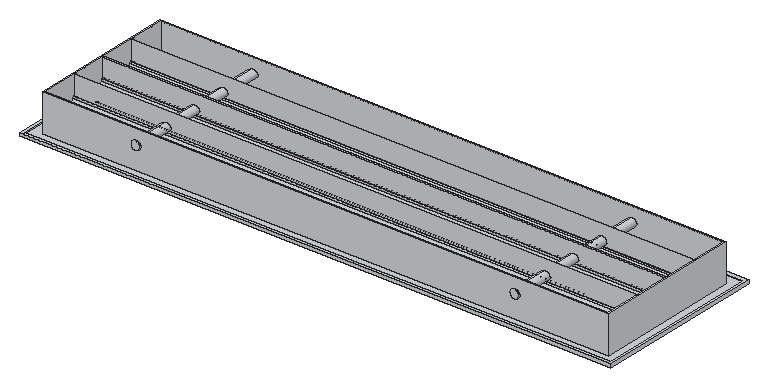
Revit family "07101_CAI", category Air Terminals, Revit 2012
Parameters (values of type "CAI_4-Ranuras")
  Visible_Texto3 = not(or(Separacion_Ranura = 1/2", Separacion_Ranura = 3/4", Separacion_Ranura = 1"))  # no
  Visible_Texto2 = or(Nº_Ranuras < 1, Nº_Ranuras > 8)  # no
  Visible_Texto1 = or(Medida_Requerida < 24", Medida_Requerida > 157 1/2")  # no
  Var2 = if(or(Separacion_Ranura < 1" / 2, Separacion_Ranura = 1" / 2), 1" / 2, if(or(and(Separacion_Ranura > 1" / 2, Separacion_Ranura < 3" / 4), Separacion_Ranura = 3" / 4), 3" / 4, if(Separacion_Ranura > 3" / 4, 1", 1")))  # 3/4"
  Var1 = if(Nº_Ranuras < 1, 1, if(Nº_Ranuras > 8, 8, Nº_Ranuras))  # 4
  URL = "https://www.innes.com.mx"
  Type Comments = "Patrón de aire ajustable"
  Tipo de Cuello = "Rectangular"
  Separación entre Ranuras = "1/2\", 3/4\" ó 1\""
  Separacion_Ranura = 3/4"
  Ranuras Disponibles = "1 a 8 ranuras"
  Posición de Instalación = "Muro/Techo"
  Nº_Ranuras = 4
  Nota_3 = if(or(Separacion_Ranura = 1/2", Separacion_Ranura = 3/4", Separacion_Ranura = 1"), ".", "Separación No Viable, elija 1/2, 3/4 ó 1 in")  # "."
  Nota_2 = if(Nº_Ranuras < 1, "El No. de Ranuras está por debajo del mínimo de 1", if(Nº_Ranuras > 8, "El No. de Ranuras supera el máximo de 8", "."))  # "."
  Nota1 = if(Medida_Requerida < 24", "El Largo está por debajo del mínimo de 24 in (0.61 m)", if(Medida_Requerida > 157 1/2", "El Largo supera el máximo de 157 1/2 in (4.0 m)", "."))  # "."
  Model = "CAI"
  Medida_Requerida = 24"
  Material = "Aluminio"
  Manufacturer = "INNES"
  Longitud Mín.-Máx. = "24\" (0.61 m) a 157 1/2\" (4.0 m) en una sola pieza."
  Función = "Inyección"
  Description = "Difusor lineal para inyección"
  Conect_Vertical = if(and(Var1 = 1, Var2 = 1" / 2), 1 7/16", if(and(Var1 = 1, Var2 = 3" / 4), 1 11/16", if(and(Var1 = 1, Var2 = 1"), 1 31/32", if(and(Var1 = 2, Var2 = 1" / 2), 2 11/16", if(and(Var1 = 2, Var2 = 3" / 4), 3 3/16", if(and(Var1 = 2, Var2 = 1"), 1 15/32", if(and(Var1 = 3, Var2 = 1" / 2), 3 15/16", if(and(Var1 = 3, Var2 = 3" / 4), 4 11/16", if(and(Var1 = 3, Var2 = 1"), 5 7/16", if(and(Var1 = 4, Var2 = 1" / 2), 5 3/16", if(and(Var1 = 4, Var2 = 3" / 4), 6 3/16", if(and(Var1 = 4, Var2 = 1"), 7 3/16", if(and(Var1 = 5, Var2 = 1" / 2), 6 7/16", if(and(Var1 = 5, Var2 = 3" / 4), 7 11/16", if(and(Var1 = 5, Var2 = 1"), 8 15/16", if(and(Var1 = 6, Var2 = 1" / 2), 7 11/16", if(and(Var1 = 6, Var2 = 3" / 4), 9 3/16", if(and(Var1 = 6, Var2 = 1"), 10 11/16", if(and(Var1 = 7, Var2 = 1" / 2), 8 15/16", if(and(Var1 = 7, Var2 = 3" / 4), 10 11/16", if(and(Var1 = 7, Var2 = 1"), 12 7/16", if(and(Var1 = 8, Var2 = 1" / 2), 10 3/16", if(and(Var1 = 8, Var2 = 3" / 4), 12 3/16", if(and(Var1 = 8, Var2 = 1"), 14 3/16", 14 3/16"))))))))))))))))))))))))  # 6 3/16"
  Conect_Horizontal = if(Medida_Requerida < 24", 23 7/8", if(Medida_Requerida > 157 1/2", 156 7/8", Medida_Requerida - 1" / 8))  # 23 7/8"
Types (9): name | Var2 | Var1 | Separacion_Ranura | Nº_Ranuras | Conect_Vertical
  (no name) | 3/4" | 4 | 3/4" | 4 | 6 3/16"
  CAI_1-Ranura | 1/2" | 1 | 1/2" | 1 | 1 7/16"
  CAI_2-Ranuras | 3/4" | 2 | 3/4" | 2 | 3 3/16"
  CAI_3-Ranuras | 3/4" | 3 | 3/4" | 3 | 4 11/16"
  CAI_4-Ranuras | 3/4" | 4 | 3/4" | 4 | 6 3/16"
  CAI_5-Ranuras | 3/4" | 5 | 3/4" | 5 | 7 11/16"
  CAI_6-Ranuras | 3/4" | 6 | 3/4" | 6 | 9 3/16"
  CAI_7-Ranuras | 3/4" | 7 | 3/4" | 7 | 10 11/16"
  CAI_8-Ranuras | 3/4" | 8 | 3/4" | 8 | 12 3/16"
Reference planes (in)
  plane 1 "Center (Front/Back)": y = 0
  plane 2: z = 0
  plane 3 "Center (Left/Right)": x = 0
Nested families (in)
  nested 1: "CAI" at (0, 0, 0), type "CAI_1-Ranura"
    with Visible_Aletas yes, Visible_Aleta_M2 no, Var1_NR 4, Sop_Vert 16", Var2_SR 3/4", Separacion_Ranura 3/4", Nº_Ranuras 4, Medida_Real 23 7/8", Largo_Rejilla 23 13/16", Medida_Requerida 24", Cota_B 6 1/4", Cantidad de rejillas 3, Cota_A 7 1/4"
  nested 2: "Texto_CAI" at (-39.13773, -56.68424, 0) x (0.7071, -0.7071, 0) z (0, 0, 1), type "texto"
    with Visible_Texto no
  nested 3: "Texto_2" at (-33.86385, -47.15702, 0) x (0.7071, -0.7071, 0) z (0, 0, 1), type "texto"
    with Visible_Texto no
  nested 4: "Texto_3" at (-43.62334, -36.98252, 0) x (0.7071, -0.7071, 0) z (0, 0, 1), type "texto"
    with Visible_Texto no
Connectors (in)
  hvac at (0, 0, 1.625), driven by "Conect_Horizontal", driven by "Conect_Vertical"
    settings: on nested 1, index 1, duct flow 0.0 L/s, flow factor 0, pres drop 0.0 Pa, loss coef 0, conn angle 0.00°, conn width 606.425 mm, conn height 157.163 mm, conn radius 304.8 mm, duct sys type 1, conn prof type 1, flow config 0, flow direction 0, loss method 0, conn ref index -1, conn util no, is conn primary yes, conn desc ""
Definition of nested family "CAI"
  Parameters (values of type "CAR-02-Ranuras")
    Visible_Aletas = Nº_Ranuras > 2  # no
    Visible_Aleta_M2 = Nº_Ranuras = 2  # yes
    Var1_NR = if(Nº_Ranuras < 1, 1, if(Nº_Ranuras > 8, 8, (Nº_Ranuras)))  # 2
    URL = ""
    Sop_Vert = if(Medida_Requerida < 24", 16", if(Medida_Requerida > 157", 104 171/256", (Medida_Requerida / 3) * 2))  # 24"
    Var2_SR = if(or(Separacion_Ranura < 1" / 2, Separacion_Ranura = 1" / 2), 1" / 2, if(or(and(Separacion_Ranura > 1" / 2, Separacion_Ranura < 3" / 4), Separacion_Ranura = 3" / 4), 3" / 4, if(Separacion_Ranura > 3" / 4, 1", 1")))  # 1"
    Separacion_Ranura = 1"
    Nº_Ranuras = 2
    Mínima velocidad de cuello = 0.0 m/s
    Mínima presión estática = 0.0 Pa
    Máxima velocidad de cuello = 0.0 m/s
    Máxima presión estática = 0.0 Pa
    Min Flow = 0.0 L/s
    Medida_Real = if(Medida_Requerida < 24", 23 7/8", if(Medida_Requerida > 157", 156 7/8", Medida_Requerida - 1" / 8))  # 35 7/8"
    Max Flow = 0.0 L/s
    Manufacturer = ""
    Largo_Rejilla = Medida_Real - 1" / 16  # 35 13/16"
    Medida_Requerida = 36"
    Cota_B = Cota_A - 1"  # 3 3/4"
    Cantidad de rejillas = if(or(Nº_Ranuras < 3, Nº_Ranuras = 3), 2, if(Nº_Ranuras > 8, 7, Nº_Ranuras - 1))  # 2
    Cota_A = if(and(Var1_NR = 1, Var2_SR = 1" / 2), 2 1/2", if(and(Var1_NR = 1, Var2_SR = 3" / 4), 2 3/4", if(and(Var1_NR = 1, Var2_SR = 1"), 3", if(and(Var1_NR = 2, Var2_SR = 1" / 2), 3 3/4", if(and(Var1_NR = 2, Var2_SR = 3" / 4), 4 1/4", if(and(Var1_NR = 2, Var2_SR = 1"), 4 3/4", if(and(Var1_NR = 3, Var2_SR = 1" / 2), 5", if(and(Var1_NR = 3, Var2_SR = 3" / 4), 5 3/4", if(and(Var1_NR = 3, Var2_SR = 1"), 6 1/2", if(and(Var1_NR = 4, Var2_SR = 1" / 2), 6 1/4", if(and(Var1_NR = 4, Var2_SR = 3" / 4), 7 1/4", if(and(Var1_NR = 4, Var2_SR = 1"), 8 1/4", if(and(Var1_NR = 5, Var2_SR = 1" / 2), 7 1/2", if(and(Var1_NR = 5, Var2_SR = 3" / 4), 8 3/4", if(and(Var1_NR = 5, Var2_SR = 1"), 10", if(and(Var1_NR = 6, Var2_SR = 1" / 2), 8 3/4", if(and(Var1_NR = 6, Var2_SR = 3" / 4), 10 1/4", if(and(Var1_NR = 6, Var2_SR = 1"), 11 3/4", if(and(Var1_NR = 7, Var2_SR = 1" / 2), 10", if(and(Var1_NR = 7, Var2_SR = 3" / 4), 11 3/4", if(and(Var1_NR = 7, Var2_SR = 1"), 13 1/2", if(and(Var1_NR = 8, Var2_SR = 1" / 2), 11 1/4", if(and(Var1_NR = 8, Var2_SR = 3" / 4), 13 1/4", if(and(Var1_NR = 8, Var2_SR = 1"), 15 1/4", 15 1/4"))))))))))))))))))))))))  # 4 3/4"
  Types (9): name | Visible_Aletas | Visible_Aleta_M2 | Var1_NR | Sop_Vert | Var2_SR | Separacion_Ranura | Nº_Ranuras | Medida_Real | Largo_Rejilla | Medida_Requerida | Cota_B | Cantidad de rejillas | Cota_A
    (no name) | no | yes | 2 | 24" | 1" | 1" | 2 | 35 7/8" | 35 13/16" | 36" | 3 3/4" | 2 | 4 3/4"
    CAR-01-Ranura | no | no | 1 | 33.33333" | 3/4" | 3/4" | 1 | 49 7/8" | 49 13/16" | 50" | 1 3/4" | 2 | 2 3/4"
    CAR-02-Ranuras | no | yes | 2 | 24" | 1" | 1" | 2 | 35 7/8" | 35 13/16" | 36" | 3 3/4" | 2 | 4 3/4"
    CAR-03-Ranuras | no | yes | 2 | 100" | 3/4" | 3/4" | 2 | 149 7/8" | 149 13/16" | 150" | 3 1/4" | 2 | 4 1/4"
    CAR-04-Ranuras | yes | no | 4 | 33.33333" | 3/4" | 3/4" | 4 | 49 7/8" | 49 13/16" | 50" | 6 1/4" | 3 | 7 1/4"
    CAR-05-Ranuras | yes | no | 5 | 33.33333" | 1/2" | 1/2" | 5 | 49 7/8" | 49 13/16" | 50" | 6 1/2" | 4 | 7 1/2"
    CAR-06-Ranuras | yes | no | 6 | 33.33333" | 1/2" | 1/2" | 6 | 49 7/8" | 49 13/16" | 50" | 7 3/4" | 5 | 8 3/4"
    CAR-07-Ranuras | yes | no | 7 | 33.33333" | 3/4" | 3/4" | 7 | 49 7/8" | 49 13/16" | 50" | 10 3/4" | 6 | 11 3/4"
    CAR-08-Ranuras | yes | no | 8 | 33.33333" | 1/2" | 5/16" | 8 | 49 7/8" | 49 13/16" | 50" | 10 1/4" | 7 | 11 1/4"
  Reference planes (in)
    plane 1 "Center (Front/Back)": y = 0
    plane 2: z = 0
    plane 3 "Center (Left/Right)": x = 0
    plane 4: y = 2.375
    plane 5: y = -2.375
    plane 6: x = -12
    plane 7: x = 12
    plane 8: y = 1.84375
    plane 9 "base redondos": y = 1.875
    plane 10: y = -1.875
  Forms (in)
    Sweep 1, solid
      path origin (0, 0, 0) x (1, 0, 0) y (0, 1, 0)
        loop
          line (-18.46875, 2.375) -> (-18.46875, -2.375) -> (18.46875, -2.375) -> (18.46875, 2.375) -> (-18.46875, 2.375)
      profile origin (0, 2.375, 0) x (0, 1, 0) y (0, 0, 1)
        loop
          line (0, 0.125) -> (-0.10207, 0.125) -> (-0.10207, 0.09315) -> (-0.0322, 0.09315) -> (-0.0322, 0.03077) -> (-0.53125, 0.03077) -> (-0.53125, 1.625) -> (-0.56485, 1.625) -> (-0.56485, 0.03077) -> (-1, 0.03077) -> (-1, 0) -> (0, 0) -> (0, 0.125)
    Extrusion 2, solid
      sketch origin (0, 1.875, 0) x (0, 0, 1) y (-1, 0, 0)
        loop
          circle (1, 12) r 0.17976
        loop
          circle (1, -12) r 0.18113
      from 0 to 3.75
  Dimensions and locks (in)
    equal spacing: plane 4, plane 1 "Center (Front/Back)", plane 5
    "Cota_A": plane 4 to plane 5
    profile plane to Sweep 1 sketch curve = 1"
    Sweep 1 sketch curve to profile plane = 1/8"
    equal spacing: plane 6, plane 3 "Center (Left/Right)", plane 7
    "Sop_Vert": plane 6 to plane 7
    locked: plane 4 to plane 8 at 0.53125
    Sweep 1 sketch curve to level = 1 5/8"
    Extrusion 2 sketch curve to level = 1"  (x2)
    Sweep 1 to Sweep 1 = 1"
    "Medida_Real": Sweep 1 to Sweep 1
    equal spacing: Sweep 1, plane 3 "Center (Left/Right)", Sweep 1
    plane 10 to plane 5 = 1/2"
    plane 4 to plane 9 "base redondos" = 1/2"
    Extrusion 2 to Extrusion 2 = 3 3/4"
    "Var2_SR": nested 1 to Sweep 1
    group 1 to group 2 = 0"  (x2)
    group 1 to group 2 = 1 3/4"
    "Var2_SR": nested 1 to nested 2
    "Var2_SR": Sweep 1 to nested 3
    radius of Extrusion 2 sketch curve = 0.17976"
    radius of Extrusion 2 sketch curve = 0.18113"
    aligned and locked: plane 2 to level
    aligned and locked: Sweep 1 sketch curve to plane 4
    aligned and locked: plane 5 to Sweep 1 sketch curve
    aligned and locked: Sweep 1 sketch curve to plane 8
    aligned and locked: plane 10 to Extrusion 2
    aligned and locked: Sweep 1 to nested 1
    aligned and locked: Sweep 1 to nested 2  (x2)
    aligned and locked: Sweep 1 to nested 3  (x2)
  Automatic sketch dimensions
    Extrusion 2 sketch curve to plane 7 = 0"
    Extrusion 2 sketch curve to plane 6 = 0"
    Sweep 1 sketch curve to level = 0"
    Sweep 1 sketch curve to profile plane = 0"
    Sweep 1 sketch curve to Sweep 1 sketch curve = 0.0336"
    profile plane to Sweep 1 sketch curve = 0.0322"
    level to Sweep 1 sketch curve = 0.03077"  (x2)
    Sweep 1 sketch curve to Sweep 1 sketch curve = 0.03185"
    Sweep 1 sketch curve to Sweep 1 sketch curve = 0.06988"
    plane 7 to Sweep 1 sketch curve = 6 15/32"
    Sweep 1 sketch curve to plane 6 = 6 15/32"
  Nested families (in)
    nested 1: "Rejilla M" at (-17.9039, -0.00022, 0), type "Rejilla M"
      with Visible_Aleta no, Largo rejilla 35 13/16"
    nested 2: "Rejilla M" at (-17.9039, 1.74978, 0), type "Rejilla M"
      with Visible_Aleta no, Largo rejilla 35 13/16"
    nested 3: "Rejilla_M2" at (-17.9039, -0.00022, 0), type "Rejilla_M2"
      with Largo rejilla 35 13/16"
  Definition of nested family "Rejilla_M2"
    Parameters (values of type "Rejilla_M2")
      Visible_Aleta = yes
      Largo rejilla = 48"
    Reference planes (in)
      plane 1 "Center (Front/Back)": y = 0
      plane 2: z = 0
      plane 3 "Center (Left/Right)": x = 0
      plane 4: z = 0.375
      plane 5: z = -0.375
      plane 6: x = 48
      plane 7: x = 24
    Forms (in)
      Extrusion 1, solid, visible <- "Visible_Aleta"
        sketch origin (0, 0, 0) x (0, 1, 0) y (0, 0, 1)
          loop
            line (0.37522, 0) -> (0.37522, 0.03196) -> (0.01623, 0.03196) -> (0.01623, 1.625) -> (-0.0158, 1.625) -> (-0.0158, 0.03196) -> (-0.37478, 0.03196) -> (-0.37478, 0) -> (0.37522, 0)
          loop
            line (0.34006, 0.17388) -> (0.34006, 0.05907)
            arc (0.34006, 0.05907) -> (0.35764, 0.04149) -> (0.37522, 0.05907) r 0.01758
            line (0.37522, 0.05907) -> (0.37522, 0.15505) -> (0.3038, 0.39876) -> (0.0863, 0.74683)
            arc (0.0863, 0.74683) -> (0.04019, 0.79411) -> (0.05699, 0.73024) r 0.03415
            line (0.05699, 0.73024) -> (0.28303, 0.36849) -> (0.34006, 0.17388)
          loop
            line (-0.33963, 0.17388) -> (-0.2826, 0.36849) -> (-0.05656, 0.73024)
            arc (-0.05656, 0.73024) -> (-0.03976, 0.79411) -> (-0.08587, 0.74683) r 0.03415
            line (-0.08587, 0.74683) -> (-0.30337, 0.39876) -> (-0.37478, 0.15505) -> (-0.37478, 0.05907)
            arc (-0.37478, 0.05907) -> (-0.35721, 0.04149) -> (-0.33963, 0.05907) r 0.01758
            line (-0.33963, 0.05907) -> (-0.33963, 0.17388)
        from 0 to 48
    Dimensions and locks (in)
      equal spacing: plane 4, level, plane 5
      plane 4 to plane 5 = 3/4"
      Extrusion 1 sketch curve to Extrusion 1 sketch curve = 0.03203"
      equal spacing: plane 6, plane 7, plane 3 "Center (Left/Right)"
      "Largo rejilla": plane 6 to plane 3 "Center (Left/Right)"
      aligned and locked: plane 2 to level
      aligned and locked: plane 6 to Extrusion 1
    Automatic sketch dimensions
      Extrusion 1 sketch curve to level = 0"
      plane 1 "Center (Front/Back)" to Extrusion 1 sketch curve = 0.37478"
      Extrusion 1 sketch curve to Extrusion 1 sketch curve = 0"  (x3)
      Extrusion 1 sketch curve to Extrusion 1 sketch curve = 0.01758"  (x2)
      plane 4 to Extrusion 1 sketch curve = 0.02376"  (x2)
      Extrusion 1 sketch curve to Extrusion 1 sketch curve = 0.03626"
      Extrusion 1 sketch curve to plane 4 = 0.00651"  (x2)
      Extrusion 1 sketch curve to Extrusion 1 sketch curve = 0.02077"  (x2)
      plane 1 "Center (Front/Back)" to Extrusion 1 sketch curve = 0.08587"
      Extrusion 1 sketch curve to Extrusion 1 sketch curve = 0.02929"
      Extrusion 1 sketch curve to Extrusion 1 sketch curve = 0.02932"  (x2)
      plane 1 "Center (Front/Back)" to Extrusion 1 sketch curve = 0.0158"
      Extrusion 1 sketch curve to plane 1 "Center (Front/Back)" = 0.05699"
      Extrusion 1 sketch curve to Extrusion 1 sketch curve = 0.00002"
      Extrusion 1 sketch curve to plane 1 "Center (Front/Back)" = 0.28303"
      level to Extrusion 1 sketch curve = 0.05907"
      Extrusion 1 sketch curve to Extrusion 1 sketch curve = 0.05703"
      level to Extrusion 1 sketch curve = 0.03196"
      Extrusion 1 sketch curve to Extrusion 1 sketch curve = 0.02711"  (x2)
      Extrusion 1 sketch curve to Extrusion 1 sketch curve = 0.09598"  (x2)
      Extrusion 1 sketch curve to Extrusion 1 sketch curve = 0.01883"  (x2)
      plane 4 to Extrusion 1 sketch curve = 0.35524"
      Extrusion 1 sketch curve to Extrusion 1 sketch curve = 0.01659"  (x2)
      Extrusion 1 sketch curve to Extrusion 1 sketch curve = 0.86061"
  Definition of nested family "Rejilla M"
    Parameters (values of type "Rejilla M")
      Visible_Aleta = yes
      Largo rejilla = 39 13/16"
    Reference planes (in)
      plane 1 "Center (Front/Back)": y = 0
      plane 2: z = 0
      plane 3 "Center (Left/Right)": x = 0
      plane 4: z = 0.375
      plane 5: z = -0.375
      plane 6: x = 39.8125
      plane 7: x = 19.90625
    Forms (in)
      Extrusion 1, solid, visible <- "Visible_Aleta"
        sketch origin (0, 0, 0) x (0, 1, 0) y (0, 0, 1)
          loop
            line (0.37522, 0) -> (0.37522, 0.03196) -> (0.01623, 0.03196) -> (0.01623, 1.625) -> (-0.0158, 1.625) -> (-0.0158, 0.03196) -> (-0.37478, 0.03196) -> (-0.37478, 0) -> (0.37522, 0)
          loop
            line (0.34006, 0.17388) -> (0.34006, 0.05907)
            arc (0.34006, 0.05907) -> (0.35764, 0.04149) -> (0.37522, 0.05907) r 0.01758
            line (0.37522, 0.05907) -> (0.37522, 0.15505) -> (0.3038, 0.39876) -> (0.0863, 0.74683)
            arc (0.0863, 0.74683) -> (0.04019, 0.79411) -> (0.05699, 0.73024) r 0.03415
            line (0.05699, 0.73024) -> (0.28303, 0.36849) -> (0.34006, 0.17388)
          loop
            line (-0.33963, 0.17388) -> (-0.2826, 0.36849) -> (-0.05656, 0.73024)
            arc (-0.05656, 0.73024) -> (-0.03976, 0.79411) -> (-0.08587, 0.74683) r 0.03415
            line (-0.08587, 0.74683) -> (-0.30337, 0.39876) -> (-0.37478, 0.15505) -> (-0.37478, 0.05907)
            arc (-0.37478, 0.05907) -> (-0.35721, 0.04149) -> (-0.33963, 0.05907) r 0.01758
            line (-0.33963, 0.05907) -> (-0.33963, 0.17388)
        from 0 to 39.8125
    Dimensions and locks (in)
      equal spacing: plane 4, level, plane 5
      plane 4 to plane 5 = 3/4"
      Extrusion 1 sketch curve to Extrusion 1 sketch curve = 0.03203"
      equal spacing: plane 6, plane 7, plane 3 "Center (Left/Right)"
      "Largo rejilla": plane 6 to plane 3 "Center (Left/Right)"
      aligned and locked: plane 2 to level
      aligned and locked: plane 6 to Extrusion 1
    Automatic sketch dimensions
      Extrusion 1 sketch curve to level = 0"
      plane 1 "Center (Front/Back)" to Extrusion 1 sketch curve = 0.37478"
      Extrusion 1 sketch curve to Extrusion 1 sketch curve = 0"  (x3)
      Extrusion 1 sketch curve to Extrusion 1 sketch curve = 0.01758"  (x2)
      plane 4 to Extrusion 1 sketch curve = 0.02376"  (x2)
      Extrusion 1 sketch curve to Extrusion 1 sketch curve = 0.03626"
      Extrusion 1 sketch curve to plane 4 = 0.00651"  (x2)
      Extrusion 1 sketch curve to Extrusion 1 sketch curve = 0.02077"  (x2)
      plane 1 "Center (Front/Back)" to Extrusion 1 sketch curve = 0.08587"
      Extrusion 1 sketch curve to Extrusion 1 sketch curve = 0.02929"
      Extrusion 1 sketch curve to Extrusion 1 sketch curve = 0.02932"  (x2)
      plane 1 "Center (Front/Back)" to Extrusion 1 sketch curve = 0.0158"
      Extrusion 1 sketch curve to plane 1 "Center (Front/Back)" = 0.05699"
      Extrusion 1 sketch curve to Extrusion 1 sketch curve = 0.00002"
      Extrusion 1 sketch curve to plane 1 "Center (Front/Back)" = 0.28303"
      level to Extrusion 1 sketch curve = 0.05907"
      Extrusion 1 sketch curve to Extrusion 1 sketch curve = 0.05703"
      level to Extrusion 1 sketch curve = 0.03196"
      Extrusion 1 sketch curve to Extrusion 1 sketch curve = 0.02711"  (x2)
      Extrusion 1 sketch curve to Extrusion 1 sketch curve = 0.09598"  (x2)
      Extrusion 1 sketch curve to Extrusion 1 sketch curve = 0.01883"  (x2)
      plane 4 to Extrusion 1 sketch curve = 0.35524"
      Extrusion 1 sketch curve to Extrusion 1 sketch curve = 0.01659"  (x2)
      Extrusion 1 sketch curve to Extrusion 1 sketch curve = 0.86061"
Definition of nested family "Texto_CAI"
  Parameters (values of type "texto")
    texto = "El valor excede el tamaño maximo de 3 Ranuras"
    Visible_Texto = yes
    Color = rojo
  Reference planes (in)
    plane 1 "Center (Front/Back)": y = 0
    plane 2: z = 0
    plane 3 "Center (Left/Right)": x = 0
Definition of nested family "Texto_2"
  Parameters (values of type "texto")
    texto = "El valor excede el tamaño maximo de 3 Ranuras"
    Visible_Texto = yes
    Color = rojo
  Reference planes (in)
    plane 1 "Center (Front/Back)": y = 0
    plane 2: z = 0
    plane 3 "Center (Left/Right)": x = 0
Definition of nested family "Texto_3"
  Parameters (values of type "texto")
    texto = "El valor excede el tamaño maximo de 3 Ranuras"
    Visible_Texto = yes
    Color = rojo
  Reference planes (in)
    plane 1 "Center (Front/Back)": y = 0
    plane 2: z = 0
    plane 3 "Center (Left/Right)": x = 0
